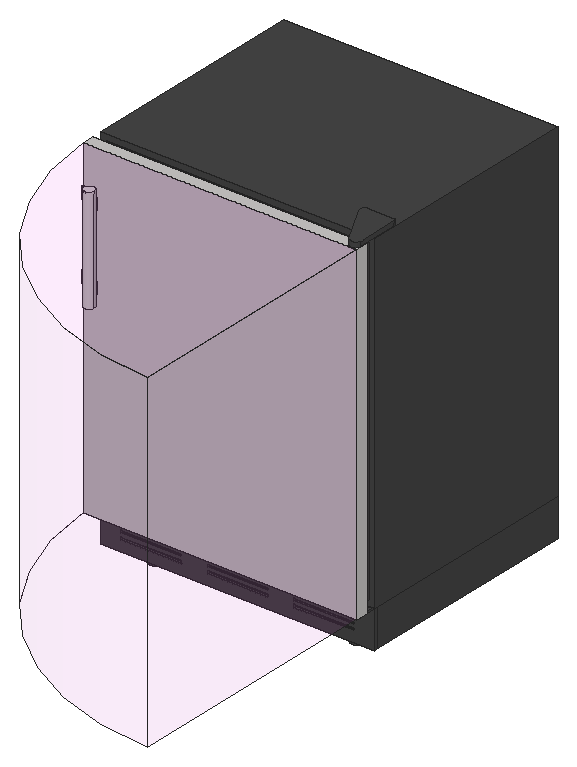
Revit family "QF_Summit_FF6BK2SSRS_Refrigerator", category Specialty Equipment, Revit 2020
Family settings
  Round Connector Dimension = Use Diameter
  Part Type = Normal
  Work Plane-Based = No
  Always vertical = Yes
  Cut with Voids When Loaded = No
  Shared = No
  Room Calculation Point = No
Parameters
  Weight in Pounds = 100
  Watts = Volts * FL Amps  # 92 W
  Volts = 115 V
  URL Cutsheet = ""
  Specification by User = ""
  Specification by Manufacturer = ""
  Show Removable Cover [instance] = no
  Show LHD [instance] = no
  Show 34.5 Height [instance] = no
  Right Hinged Door [instance] = not(Show LHD)  # yes
  Serial Number = ""
  Seismic Rating = ""
  SMACNA No = ""
  Revision Code = ""
  Refrigerant Volume = 0.00 kip
  Refrigerant Type = "R600a"
  Phase = 1
  Number of Poles = 1
  NAFEM Spec ID Number = ""
  Model = "FF6BK2SSRS"
  Min Ckt Ampacity = 0 A
  Max Overcurrent Protection = 0 A
  Masterspec = ""
  Manufacturer = "Summit"
  Length = 23 5/8"
  Item Number = ""
  Installed By = ""
  Identify Quantity as Lot = yes
  Height [instance] = if(Show 34.5 Height, 34 1/2", 33 1/2")  # 33 1/2"
  HP = ""
  Furnished By = ""
  Foodservice Equipment Identifier = yes
  FL Amps = 0.8 A
  Electrical Remarks = ""
  Electric Connection Type = ""
  Elec Conn RI Height = 0"
  Elec Conn Connection Height = 0"
  Description = "Refrigerator"
  Depth = 22 3/8"
  Default Elevation = 0"
  Cycle = 60 Hz
  Conn Plug = ""
  Conn Conduit = yes
  CSI MasterFormat = ""
  Base Height [instance] = if(Show 34.5 Height, 2 1/4", 1 1/4")  # 1 1/4"
  BTUH = 0.0 Btu/h
  Apparent Power = if(Phase = 3, Volts * FL Amps * 1.73, Volts * FL Amps)  # 92 VA
Reference planes (in)
  plane 1 "BACK": y = 0
  plane 2: z = 0
  plane 3 "LEFT": x = 0
  plane 4 "RIGHT": x = 23.625
  plane 5 "FRONT": y = -22.375
  plane 6 "TOP": z = 33.5
  plane 7 "Center Y": x = 11.8125
  plane 8 "Center X": y = -11.1875
  plane 9: z = 33.125
  plane 10: y = -24
  plane 11: y = -45
  plane 12: y = -0.75
  plane 13: y = -20.5
  plane 14 "Base Height": z = 1.25
  plane 15: x = 17.46169
  plane 16: z = 4.48989
Forms (in)
  Extrusion 1, solid, material "QF_Metallic_Paint_Black_Smooth"
    sketch origin (0, 0, 4.48989) x (1, 0, 0) y (0, 1, 0)
      loop
        line (0, -0.75) -> (0, -20.5) -> (23.625, -20.5) -> (23.625, -0.75) -> (0, -0.75)
    from 0 to 28.63511
  Extrusion 2, solid, material "QF_Metal_Stainless_Polished"
    sketch origin (-3.63846, -180, 1.25) x (-1, 0, 0) y (0, -1, 0)
      loop
        line (-3.63846, -157.625) -> (-27.26346, -157.625) -> (-27.26346, -158.625) -> (-3.63846, -158.625) -> (-3.63846, -157.625)
    from 3.23989 to 31.875
  Extrusion 3, solid, material "QF_Metallic_Paint_Black_Smooth"
    sketch origin (23.625, -20.5, 4.48989) x (-1, 0, 0) y (0, 0, -1)
      loop
        line (0.5, -0.5) -> (0.5, -28.13511) -> (23.125, -28.13511) -> (23.125, -0.5) -> (0.5, -0.5)
    from 0 to 0.875
  Extrusion 4, solid, material "QF_Metallic_Paint_Black_Smooth", visible <- "Right Hinged Door"
    sketch origin (0, 0, 33.125) x (1, 0, 0) y (0, 1, 0)
      loop
        arc (23.49982, -18.2597) -> (23.42659, -18.08292) -> (23.24982, -18.0097) r 0.25
        line (23.24982, -18.0097) -> (21.13852, -18.0097)
        arc (21.13852, -18.0097) -> (20.78238, -18.21325) -> (20.77701, -18.62342) r 0.41333
        line (20.77701, -18.62342) -> (22.69374, -22.08129)
        arc (22.69374, -22.08129) -> (23.17748, -22.28912) -> (23.49982, -21.87283) r 0.42999
        line (23.49982, -21.87283) -> (23.49982, -18.2597)
    from 0 to 0.375
  Extrusion 5, solid, material "QF_Metal_Stainless_Polished", visible <- "Right Hinged Door"
    sketch origin (-3.63846, -180, 30.49949) x (-1, 0, 0) y (0, -1, 0)
      loop
        line (-3.63846, -158.625) -> (-3.51346, -158.625) -> (-3.51346, -157.55854) -> (-4.72237, -156.74311) -> (-5.38037, -156.74311) -> (-5.38037, -156.86811) -> (-4.76059, -156.86811) -> (-3.63846, -157.625) -> (-3.63846, -158.625)
    from -1.75 to -0.75
  Extrusion 6, solid, material "QF_Metal_Stainless_Polished", visible <- "Right Hinged Door"
    sketch origin (-3.63846, -180, 1.25) x (-1, 0, 0) y (0, -1, 0)
      loop
        circle (-5.05137, -156.43406) r 0.43516
    from 20.24949 to 29.24949
  Extrusion 7, solid, material "QF_Metal_Stainless_Polished", visible <- "Right Hinged Door"
    sketch origin (-3.63846, -180, 21.49949) x (0, -1, 0) y (-1, 0, 0)
      loop
        line (-158.625, -3.63846) -> (-157.625, -3.63846) -> (-156.86811, -4.76059) -> (-156.86811, -5.38037) -> (-156.74311, -5.38037) -> (-156.74311, -4.72237) -> (-157.55854, -3.51346) -> (-158.625, -3.51346) -> (-158.625, -3.63846)
    from -1.75 to -0.75
  Extrusion 8, solid, material "QF_Metallic_Paint_Black_Smooth", visible <- "Right Hinged Door"
    sketch origin (-3.63846, -180, 4.48989) x (0, -1, 0) y (-1, 0, 0)
      loop
        line (-159.5, -27.13827) -> (-158.12717, -27.13827)
        arc (-158.12717, -27.13827) -> (-157.71088, -26.81594) -> (-157.91871, -26.3322) r 0.42999
        line (-157.91871, -26.3322) -> (-159.5, -25.45567) -> (-159.5, -27.13827)
    from 0 to 0.125
  Extrusion 9, solid, material "QF_Metallic_Paint_Black_Smooth"
    sketch origin (0, -20.25, 0) x (1, 0, 0) y (0, 0, 1)
      loop
        line (0, 1.25) -> (23.625, 1.25) -> (23.625, 4.48989) -> (0, 4.48989) -> (0, 1.25)
      loop
        line (1.70562, 3.90574) -> (1.70562, 3.65574) -> (6.95562, 3.65574) -> (6.95562, 3.90574) -> (1.70562, 3.90574)
      loop
        line (1.70562, 3.40574) -> (1.70562, 3.15574) -> (6.95562, 3.15574) -> (6.95562, 3.40574) -> (1.70562, 3.40574)
      loop
        line (1.70562, 2.90574) -> (1.70562, 2.65574) -> (6.95562, 2.65574) -> (6.95562, 2.90574) -> (1.70562, 2.90574)
      loop
        line (1.70562, 2.40574) -> (1.70562, 2.15574) -> (6.95562, 2.15574) -> (6.95562, 2.40574) -> (1.70562, 2.40574)
      loop
        line (9.1875, 3.90574) -> (9.1875, 3.65574) -> (14.4375, 3.65574) -> (14.4375, 3.90574) -> (9.1875, 3.90574)
      loop
        line (9.1875, 3.40574) -> (9.1875, 3.15574) -> (14.4375, 3.15574) -> (14.4375, 3.40574) -> (9.1875, 3.40574)
      loop
        line (9.1875, 2.90574) -> (9.1875, 2.65574) -> (14.4375, 2.65574) -> (14.4375, 2.90574) -> (9.1875, 2.90574)
      loop
        line (9.1875, 2.40574) -> (9.1875, 2.15574) -> (14.4375, 2.15574) -> (14.4375, 2.40574) -> (9.1875, 2.40574)
      loop
        line (21.91938, 3.90574) -> (16.66938, 3.90574) -> (16.66938, 3.65574) -> (21.91938, 3.65574) -> (21.91938, 3.90574)
      loop
        line (21.91938, 3.40574) -> (16.66938, 3.40574) -> (16.66938, 3.15574) -> (21.91938, 3.15574) -> (21.91938, 3.40574)
      loop
        line (21.91938, 2.90574) -> (16.66938, 2.90574) -> (16.66938, 2.65574) -> (21.91938, 2.65574) -> (21.91938, 2.90574)
      loop
        line (21.91938, 2.40574) -> (16.66938, 2.40574) -> (16.66938, 2.15574) -> (21.91938, 2.15574) -> (21.91938, 2.40574)
    from 0 to 0.25
  Extrusion 10, solid, material "QF_Metallic_Paint_Black_Smooth"
    sketch origin (0, 0, 0) x (1, 0, 0) y (0, 0, 1)
      loop
        line (0, 4.48989) -> (0, 1.25) -> (23.625, 1.25) -> (23.625, 4.48989) -> (0, 4.48989)
    from 20.25 to 0.75
  Extrusion 11, solid, material "QF_Metallic_Paint_Black_Smooth"
    sketch origin (0, 0, 0) x (1, 0, 0) y (0, 1, 0)
      loop
        circle (3.1104, -18.5) r 0.5
      loop
        circle (3.1104, -2.75) r 0.5
      loop
        circle (20.5146, -18.5) r 0.5
      loop
        circle (20.5146, -2.75) r 0.5
    from 0 to 0.25
  Extrusion 12, solid, material "QF_Metal_Stainless_Polished"
    sketch origin (0, -0.75, 4.23989) x (1, 0, 0) y (0, 0, -1)
      loop
        circle (17.46169, 2.27816) r 0.25
    from 0 to 0.25
  Extrusion 13, solid, material "QF_Metallic_Paint_Black_Smooth"
    sketch origin (-3.63846, -180, 1.25) x (-1, 0, 0) y (0, -1, 0)
      loop
        line (-12.94623, -180) -> (-12.94623, -179.25) -> (-17.95568, -179.25) -> (-17.95568, -180) -> (-12.94623, -180)
    from 15.625 to 21.625
  Extrusion 14, solid, material "QF_Clearances_Door_Drawer", visible <- "Right Hinged Door"
    sketch origin (-3.63846, -180, 4.48989) x (0, -1, 0) y (-1, 0, 0)
      loop
        line (-157.625, -27.26346) -> (-135, -27.26346)
        arc (-135, -27.26346) -> (-141.73517, -11.06738) -> (-157.625, -3.63846) r 24.27307
        line (-157.625, -3.63846) -> (-157.625, -27.26346)
    from 0 to -28.625
  Extrusion 15, solid, material "QF_Metallic_Paint_Black_Smooth"
    sketch origin (-3.63846, -180, 1.25) x (-1, 0, 0) y (0, -1, 0)
      loop
        circle (-6.74886, -161.5) r 0.25
      loop
        circle (-6.74886, -177.25) r 0.25
      loop
        circle (-24.15306, -161.5) r 0.25
      loop
        circle (-24.15306, -177.25) r 0.25
    from 0 to -1
  Extrusion 16, solid, material "QF_Metallic_Paint_Black_Smooth", visible <- "Show Removable Cover"
    sketch origin (-3.63846, -180, 1.25) x (-1, 0, 0) y (0, -1, 0)
      loop
        line (-3.63846, -179.25) -> (-3.63846, -159.5) -> (-27.26346, -159.5) -> (-27.26346, -179.25) -> (-3.63846, -179.25)
      loop
        line (-3.88846, -179) -> (-3.88846, -159.75) -> (-27.01346, -159.75) -> (-27.01346, -179) -> (-3.88846, -179)
    from 0 to -1.25
  Extrusion 17, solid, material "QF_Metallic_Paint_Black_Smooth", visible <- "Show LHD"
    sketch origin (23.625, 0, 33.125) x (-1, 0, 0) y (0, -1, 0)
      loop
        line (23.49982, 18.2597) -> (23.49982, 21.87283)
        arc (23.49982, 21.87283) -> (23.17748, 22.28912) -> (22.69374, 22.08129) r 0.42999
        line (22.69374, 22.08129) -> (20.77701, 18.62342)
        arc (20.77701, 18.62342) -> (20.78238, 18.21325) -> (21.13852, 18.0097) r 0.41333
        line (21.13852, 18.0097) -> (23.24982, 18.0097)
        arc (23.24982, 18.0097) -> (23.42659, 18.08292) -> (23.49982, 18.2597) r 0.25
    from 0 to 0.375
  Extrusion 18, solid, material "QF_Metal_Stainless_Polished", visible <- "Show LHD"
    sketch origin (27.26346, -180, 30.49949) x (1, 0, 0) y (0, 1, 0)
      loop
        line (-3.63846, 158.625) -> (-3.63846, 157.625) -> (-4.76059, 156.86811) -> (-5.38037, 156.86811) -> (-5.38037, 156.74311) -> (-4.72237, 156.74311) -> (-3.51346, 157.55854) -> (-3.51346, 158.625) -> (-3.63846, 158.625)
    from -1.75 to -0.75
  Extrusion 19, solid, material "QF_Metal_Stainless_Polished", visible <- "Show LHD"
    sketch origin (27.26346, -180, 1.25) x (1, 0, 0) y (0, 1, 0)
      loop
        circle (-5.05137, 156.43406) r 0.43516
    from 20.24949 to 29.24949
  Extrusion 20, solid, material "QF_Metal_Stainless_Polished", visible <- "Show LHD"
    sketch origin (27.26346, -180, 21.49949) x (0, 1, 0) y (1, 0, 0)
      loop
        line (158.625, -3.63846) -> (158.625, -3.51346) -> (157.55854, -3.51346) -> (156.74311, -4.72237) -> (156.74311, -5.38037) -> (156.86811, -5.38037) -> (156.86811, -4.76059) -> (157.625, -3.63846) -> (158.625, -3.63846)
    from -1.75 to -0.75
  Extrusion 21, solid, material "QF_Metallic_Paint_Black_Smooth", visible <- "Show LHD"
    sketch origin (27.26346, -180, 4.48989) x (0, 1, 0) y (1, 0, 0)
      loop
        line (159.5, -27.13827) -> (159.5, -25.45567) -> (157.91871, -26.3322)
        arc (157.91871, -26.3322) -> (157.71088, -26.81594) -> (158.12717, -27.13827) r 0.42999
        line (158.12717, -27.13827) -> (159.5, -27.13827)
    from 0 to 0.125
  Extrusion 22, solid, material "QF_Clearances_Door_Drawer", visible <- "Show LHD"
    sketch origin (27.26346, -180, 4.48989) x (0, 1, 0) y (1, 0, 0)
      loop
        line (157.625, -27.26346) -> (157.625, -3.63846)
        arc (157.625, -3.63846) -> (141.73517, -11.06738) -> (135, -27.26346) r 24.27307
        line (135, -27.26346) -> (157.625, -27.26346)
    from 0 to -28.625
Lines and regions (in)
  symbolic lines
    curve 1: line (0, -0.75, 0) -> (23.625, -0.75, 0)
    curve 2: line (0, -20.5, 0) -> (0, -0.75, 0)
    curve 3: line (23.625, -20.5, 0) -> (23.49982, -20.5, 0)
    curve 4: line (23.625, -0.75, 0) -> (23.625, -20.5, 0)
    curve 5: line (21.81722, -20.5, 0) -> (1.80628, -20.5, 0)
    curve 12: line (23.625, -22.375, 0) -> (0, -22.375, 0)
    curve 13: line (0, -21.375, 0) -> (0, -22.375, 0)
    curve 14: line (23.625, -21.375, 0) -> (23.49982, -21.375, 0)
    curve 15: line (23.625, -22.375, 0) -> (23.625, -21.375, 0)
    curve 16: line (22.30224, -21.375, 0) -> (1.32275, -21.375, 0)
    curve 28: line (9.30778, -0.75, 0) -> (9.30778, 0, 0)
    curve 29: line (9.30778, 0, 0) -> (14.31722, 0, 0)
    curve 30: line (14.31722, 0, 0) -> (14.31722, -0.75, 0)
    curve 35: line (0.13172, -20.5, 0) -> (0, -20.5, 0)
    curve 37: line (0.12154, -21.375, 0) -> (0, -21.375, 0)
    curve 51: line (23.50346, -21.375, 0) -> (23.625, -21.375, 0)
  symbolic lines, visible <- "Right Hinged Door"
    curve 6: line (23.49982, -21.87283, 0) -> (23.49982, -18.2597, 0)
    curve 7: arc (23.49982, -18.2597, 0) -> (23.42659, -18.08292, 0) -> (23.24982, -18.0097, 0) r 0.25
    curve 8: line (23.24982, -18.0097, 0) -> (21.13852, -18.0097, 0)
    curve 9: arc (21.13852, -18.0097, 0) -> (20.78238, -18.21325, 0) -> (20.77701, -18.62342, 0) r 0.41333
    curve 10: line (20.77701, -18.62342, 0) -> (22.69374, -22.08129, 0)
    curve 11: arc (22.69374, -22.08129, 0) -> (23.17748, -22.28912, 0) -> (23.49982, -21.87283, 0) r 0.42999
    curve 17: line (-0.125, -21.375, 0) -> (-0.125, -22.44146, 0)
    curve 18: line (-0.125, -22.44146, 0) -> (1.08391, -23.25689, 0)
    curve 19: arc (0.97776, -23.56594, 0) -> (1.41291, -24.0011, 0) -> (1.84807, -23.56594, 0) r 0.43516
    curve 20: line (1.74192, -23.13189, 0) -> (1.12213, -23.13189, 0)
    curve 21: line (1.12213, -23.13189, 0) -> (0, -22.375, 0)
    curve 22: line (1.74192, -23.25689, 0) -> (1.74192, -23.13189, 0)
    curve 23: arc (1.84807, -23.56594, 0) -> (1.73137, -23.26938, 0) -> (1.44385, -23.13189, 0) r 0.43516
    curve 24: line (1.08391, -23.25689, 0) -> (1.10657, -23.25689, 0)
    curve 25: line (1.71926, -23.25689, 0) -> (1.74192, -23.25689, 0)
    curve 26: arc (1.38198, -23.13189, 0) -> (1.09446, -23.26938, 0) -> (0.97776, -23.56594, 0) r 0.43516
    curve 27: line (0.5, -21.375, 0) -> (0.5, -20.5, 0)
    curve 33: line (0, -21.375, 0) -> (-0.125, -21.375, 0)
    curve 34: line (1.80628, -20.5, 0) -> (0.13172, -20.5, 0)
    curve 36: line (1.32275, -21.375, 0) -> (0.12154, -21.375, 0)
  symbolic lines, style "QF_Clearances_Door_Drawer", visible <- "Right Hinged Door"
    curve 31: line (23.625, -22.375, 0) -> (3.7814, -33.83171, 0)
    curve 32: arc (3.7814, -33.83171, 0) -> (1.19256, -28.41738, 0) -> (0.01125, -22.53337, 0) r 24.27307
  symbolic lines, visible <- "Show LHD"
    curve 38: line (23.75, -21.375, 0) -> (23.75, -22.44146, 0)
    curve 39: line (23.75, -22.44146, 0) -> (22.54109, -23.25689, 0)
    curve 40: arc (22.64724, -23.56594, 0) -> (22.21209, -24.0011, 0) -> (21.77693, -23.56594, 0) r 0.43516
    curve 41: line (21.88308, -23.13189, 0) -> (22.50287, -23.13189, 0)
    curve 42: line (22.50287, -23.13189, 0) -> (23.625, -22.375, 0)
    curve 43: arc (21.77693, -23.56594, 0) -> (21.89363, -23.26938, 0) -> (22.18115, -23.13189, 0) r 0.43516
    curve 44: arc (22.24302, -23.13189, 0) -> (22.53054, -23.26938, 0) -> (22.64724, -23.56594, 0) r 0.43516
    curve 45: line (23.125, -21.375, 0) -> (23.125, -20.5, 0)
    curve 48: line (23.625, -21.375, 0) -> (23.75, -21.375, 0)
    curve 49: line (21.81722, -20.5, 0) -> (23.49328, -20.5, 0)
    curve 50: line (22.30224, -21.375, 0) -> (23.50346, -21.375, 0)
    curve 52: line (0.12518, -21.87283, 0) -> (0.12518, -18.2597, 0)
    curve 53: arc (0.12518, -18.2597, 0) -> (0.19841, -18.08292, 0) -> (0.37518, -18.0097, 0) r 0.25
    curve 54: line (0.37518, -18.0097, 0) -> (2.48648, -18.0097, 0)
    curve 55: arc (2.48648, -18.0097, 0) -> (2.84262, -18.21325, 0) -> (2.84799, -18.62342, 0) r 0.41333
    curve 56: line (2.84799, -18.62342, 0) -> (0.93126, -22.08129, 0)
    curve 57: arc (0.93126, -22.08129, 0) -> (0.44752, -22.28912, 0) -> (0.12518, -21.87283, 0) r 0.42999
    curve 58: line (21.88308, -23.13189, 1.25) -> (21.88308, -23.25689, 1.25)
    curve 59: line (22.54109, -23.25689, 1.25) -> (22.51607, -23.25689, 1.25)
    curve 60: line (21.91094, -23.25689, 1.25) -> (21.88308, -23.25689, 1.25)
  symbolic lines, style "QF_Clearances_Door_Drawer", visible <- "Show LHD"
    curve 46: line (0, -22.375, 0) -> (19.8436, -33.83171, 0)
    curve 47: arc (19.8436, -33.83171, 0) -> (22.43244, -28.41738, 0) -> (23.61375, -22.53337, 0) r 24.27307
Dimensions and locks (in)
  equal spacing: plane 3 "LEFT", plane 7 "Center Y", plane 4 "RIGHT"
  "Length": plane 3 "LEFT" to plane 4 "RIGHT"
  equal spacing: plane 5 "FRONT", plane 8 "Center X", plane 1 "BACK"
  "Depth": plane 5 "FRONT" to plane 1 "BACK"
  "Height": plane 6 "TOP" to level
  locked: plane 6 "TOP" to plane 9 at 0.375
  plane 10 to plane 5 "FRONT" = 1 5/8"
  plane 1 "BACK" to plane 12 = 3/4"
  plane 12 to plane 13 = 19 3/4"
  plane 13 to plane 11 = 24 1/2"
  plane 12 to plane 11 = 44 1/4"
  "Base Height": plane 14 "Base Height" to plane 2
  plane 9 to plane 14 "Base Height" = 31 7/8"
  locked: plane 16 to plane 14 "Base Height" at 3.23989
  aligned and locked: level to plane 2
  aligned and locked: Extrusion 16 to level
  aligned and locked: Extrusion 15 to Extrusion 11
Automatic sketch dimensions
  Extrusion 2 sketch curve to plane 4 "RIGHT" = 0"
  Extrusion 2 sketch curve to plane 3 "LEFT" = 0"
  plane 5 "FRONT" to Extrusion 2 sketch curve = 0"
  Extrusion 2 sketch curve to plane 13 = 7/8"
  Extrusion 5 sketch curve to Extrusion 5 sketch curve = 0.61979"
  Extrusion 5 sketch curve to Extrusion 5 sketch curve = 0.03822"
  Extrusion 5 sketch curve to Extrusion 5 sketch curve = 1.12213"
  Extrusion 5 sketch curve to Extrusion 5 sketch curve = 1/8"  (x2)
  Extrusion 5 sketch curve to Extrusion 5 sketch curve = 1"
  Extrusion 5 sketch curve to Extrusion 5 sketch curve = 0.06646"
  Extrusion 5 sketch curve to Extrusion 5 sketch curve = 0.75689"
  plane 10 to Extrusion 6 sketch curve = 0.43406"
  plane 3 "LEFT" to Extrusion 6 sketch curve = 1.41291"
  Extrusion 7 sketch curve to Extrusion 7 sketch curve = 1"
  Extrusion 7 sketch curve to Extrusion 7 sketch curve = 0.06646"
  Extrusion 7 sketch curve to Extrusion 7 sketch curve = 0.75689"
  Extrusion 7 sketch curve to Extrusion 7 sketch curve = 1/8"  (x2)
  Extrusion 7 sketch curve to Extrusion 7 sketch curve = 1.08391"
  Extrusion 7 sketch curve to Extrusion 7 sketch curve = 0.03822"
  Extrusion 7 sketch curve to Extrusion 7 sketch curve = 0.61979"
  Extrusion 2 to Extrusion 8 sketch curve = 0.12518"
  Extrusion 8 sketch curve to Extrusion 2 = 7/8"
  Extrusion 2 to Extrusion 8 sketch curve = 0.49783"
  Extrusion 2 to Extrusion 8 sketch curve = 0.29371"
  Extrusion 8 sketch curve to Extrusion 8 sketch curve = 0.42999"
  Extrusion 8 sketch curve to Extrusion 8 sketch curve = 1.6826"
  plane 3 "LEFT" to Extrusion 11 sketch curve = 3.1104"  (x2)
  Extrusion 11 sketch curve to plane 15 = 3.05291"  (x2)
  plane 13 to Extrusion 11 sketch curve = 2"  (x2)
  Extrusion 11 sketch curve to plane 12 = 2"  (x2)
  plane 1 "BACK" to Extrusion 13 sketch curve = 0"
  Extrusion 13 sketch curve to plane 12 = 0"
  plane 7 "Center Y" to Extrusion 13 sketch curve = 2.50472"
  Extrusion 13 sketch curve to plane 7 "Center Y" = 2.50472"
  Extrusion 14 sketch curve to Extrusion 2 = 0"  (x3)
  Extrusion 14 sketch curve to Extrusion 2 = 0.64083"
  Extrusion 14 sketch curve to Extrusion 14 sketch curve = 22 5/8"
  Extrusion 15 sketch curve to plane 15 = 3.05291"  (x2)
  plane 3 "LEFT" to Extrusion 15 sketch curve = 3.1104"  (x2)
  Extrusion 15 sketch curve to plane 12 = 2"  (x2)
  plane 13 to Extrusion 15 sketch curve = 2"  (x2)
  Extrusion 16 sketch curve to plane 4 "RIGHT" = 0"
  Extrusion 16 sketch curve to plane 3 "LEFT" = 0"
  Extrusion 16 sketch curve to plane 12 = 0"
  Extrusion 16 sketch curve to plane 13 = 0"
  plane 4 "RIGHT" to Extrusion 16 sketch curve = 1/4"
  plane 3 "LEFT" to Extrusion 16 sketch curve = 1/4"
  Extrusion 16 sketch curve to plane 12 = 1/4"
  plane 13 to Extrusion 16 sketch curve = 1/4"
  Extrusion 18 sketch curve to Extrusion 18 sketch curve = 0.61979"
  Extrusion 18 sketch curve to Extrusion 18 sketch curve = 0.03822"
  Extrusion 18 sketch curve to Extrusion 18 sketch curve = 1.12213"
  Extrusion 18 sketch curve to Extrusion 18 sketch curve = 1/8"  (x2)
  Extrusion 18 sketch curve to Extrusion 18 sketch curve = 0.69042"
  Extrusion 18 sketch curve to Extrusion 18 sketch curve = 0.06646"
  Extrusion 18 sketch curve to Extrusion 18 sketch curve = 1"
  plane 10 to Extrusion 19 sketch curve = 0.43406"
  plane 4 "RIGHT" to Extrusion 19 sketch curve = 1.41291"
  Extrusion 20 sketch curve to Extrusion 20 sketch curve = 1/8"  (x2)
  Extrusion 20 sketch curve to Extrusion 20 sketch curve = 0.69042"
  Extrusion 20 sketch curve to Extrusion 20 sketch curve = 0.06646"
  Extrusion 20 sketch curve to Extrusion 20 sketch curve = 1"
  Extrusion 20 sketch curve to Extrusion 20 sketch curve = 1.08391"
  Extrusion 20 sketch curve to Extrusion 20 sketch curve = 0.03822"
  Extrusion 20 sketch curve to Extrusion 20 sketch curve = 0.61979"
  Extrusion 2 to Extrusion 21 sketch curve = 0.29371"
  Extrusion 2 to Extrusion 21 sketch curve = 0.12518"
  Extrusion 2 to Extrusion 21 sketch curve = 0.49783"
  Extrusion 21 sketch curve to Extrusion 2 = 7/8"
  Extrusion 21 sketch curve to Extrusion 21 sketch curve = 0.42999"
  Extrusion 21 sketch curve to Extrusion 21 sketch curve = 1.6826"
  Extrusion 22 sketch curve to Extrusion 2 = 0"  (x3)
  Extrusion 22 sketch curve to Extrusion 2 = 22 5/8"
  Extrusion 22 sketch curve to Extrusion 2 = 0.59255"
  curve 19 to curve 23 = 0"  (x2)
  curve 19 to curve 26 = 0"  (x2)
  curve 23 to curve 26 = 0"  (x2)
  curve 40 to curve 43 = 0"  (x2)
  curve 40 to curve 44 = 0"  (x2)
  curve 43 to curve 44 = 0"  (x2)
  curve 2 to plane 3 "LEFT" = 0"
  curve 46 to plane 3 "LEFT" = 0"
  curve 34 to plane 13 = 0"
  plane 1 "BACK" to curve 29 = 0"
  curve 28 to plane 12 = 0"
  curve 49 to plane 13 = 0"
  curve 3 to plane 13 = 0"
  curve 4 to plane 4 "RIGHT" = 0"
  curve 51 to plane 4 "RIGHT" = 0"
  plane 5 "FRONT" to curve 15 = 0"
  curve 17 to plane 3 "LEFT" = 1/8"
  curve 47 to plane 13 = 0.23417"
  curve 47 to plane 3 "LEFT" = 0.59255"
  curve 13 to curve 37 = 0.12154"
  plane 3 "LEFT" to curve 52 = 0.12518"
  plane 3 "LEFT" to curve 34 = 0.13172"
  curve 52 to curve 53 = 1/4"
  curve 52 to curve 57 = 0.42999"
  curve 56 to plane 5 "FRONT" = 0.29371"
  curve 57 to curve 56 = 0.37608"
  plane 10 to curve 18 = 0.74311"
  plane 3 "LEFT" to curve 18 = 1.08391"
  curve 18 to curve 20 = 0.03822"
  curve 57 to curve 36 = 0.39149"
  curve 18 to curve 19 = 0.329"
  curve 19 to curve 25 = 0.329"
  curve 16 to curve 34 = 0.48354"
  curve 53 to curve 54 = 2.1113"
  curve 55 to curve 56 = 0.36151"
  plane 3 "LEFT" to curve 31 = 3.7814"
  curve 29 to plane 7 "Center Y" = 2.50472"
  plane 7 "Center Y" to curve 30 = 2.50472"
  curve 46 to plane 15 = 2.38191"
  plane 4 "RIGHT" to curve 10 = 2.84799"
  curve 9 to curve 9 = 0.36151"
  plane 10 to curve 40 = 0.43406"
  plane 4 "RIGHT" to curve 40 = 1.41291"
  curve 40 to curve 41 = 0.29079"
  curve 10 to plane 5 "FRONT" = 0.29371"
  plane 4 "RIGHT" to curve 10 = 0.93126"
  curve 10 to curve 11 = 0.37608"
  plane 4 "RIGHT" to curve 8 = 0.37518"
  plane 4 "RIGHT" to curve 6 = 0.12518"
  curve 14 to curve 51 = 0.00365"
  curve 14 to curve 38 = 1/8"
  curve 32 to plane 13 = 0.23417"
  curve 32 to plane 4 "RIGHT" = 0.59255"
  curve 46 to plane 10 = 9.83171"
  curve 31 to plane 10 = 9.83171"
  plane 10 to curve 26 = 0.43406"
  curve 19 to curve 25 = 0.30906"
  curve 22 to curve 22 = 1/8"
  curve 40 to curve 41 = 0.43406"
  plane 5 "FRONT" to curve 18 = 0.06646"
  plane 5 "FRONT" to curve 39 = 0.06646"
  curve 57 to curve 17 = 0.49783"
  curve 11 to curve 51 = 0.49783"
  plane 13 to curve 10 = 1.87658"
  plane 13 to curve 56 = 1.87658"
  curve 9 to curve 9 = 0.20039"
  curve 55 to curve 55 = 0.20039"
  curve 36 to curve 27 = 0.37846"
  curve 19 to curve 18 = 0.10616"
  curve 40 to curve 40 = 0.43516"
  curve 41 to curve 43 = 0.29807"
  curve 41 to curve 39 = 0.03822"
  curve 45 to curve 3 = 0.37482"
  curve 49 to curve 3 = 0.00653"
  plane 4 "RIGHT" to curve 47 = 0.01125"
  Extrusion 1 sketch curve to Extrusion 10 = 0"  (x3)
  Extrusion 1 sketch curve to Extrusion 10 = 1/4"
  Extrusion 3 sketch curve to Extrusion 1 = 1/2"
  Extrusion 1 to Extrusion 3 sketch curve = 1/2"  (x3)
  Extrusion 4 sketch curve to Extrusion 1 = 1.87658"
  Extrusion 4 sketch curve to Extrusion 1 = 2.84799"
  Extrusion 4 sketch curve to Extrusion 4 sketch curve = 0.36151"
  Extrusion 4 sketch curve to Extrusion 1 = 0.93126"
  Extrusion 4 sketch curve to Extrusion 4 sketch curve = 0.37608"
  Extrusion 4 sketch curve to Extrusion 1 = 0.37518"
  Extrusion 4 sketch curve to Extrusion 1 = 0.12518"
  Extrusion 1 to Extrusion 4 sketch curve = 1.37283"
  Extrusion 4 sketch curve to Extrusion 4 sketch curve = 0.20039"
  Extrusion 9 sketch curve to Extrusion 10 = 0"  (x4)
  Extrusion 9 sketch curve to Extrusion 10 = 0.58415"  (x3)
  Extrusion 9 sketch curve to Extrusion 10 = 1.70562"  (x2)
  Extrusion 9 sketch curve to Extrusion 9 sketch curve = 0"  (x18)
  Extrusion 9 sketch curve to Extrusion 10 = 1.08415"
  Extrusion 9 sketch curve to Extrusion 9 sketch curve = 5 1/4"  (x2)
  Extrusion 9 sketch curve to Extrusion 9 sketch curve = 2.23188"  (x2)
  Extrusion 9 sketch curve to Extrusion 10 = 1.33415"
  Extrusion 9 sketch curve to Extrusion 10 = 0.90574"  (x3)
  Extrusion 9 sketch curve to Extrusion 9 sketch curve = 1/4"  (x16)
  Extrusion 10 sketch curve to plane 3 "LEFT" = 0"
  plane 4 "RIGHT" to Extrusion 10 sketch curve = 0"
  Extrusion 10 sketch curve to plane 14 "Base Height" = 0"
  Extrusion 10 sketch curve to plane 16 = 0"
  Extrusion 12 sketch curve to Extrusion 1 = 2.52816"
  Extrusion 12 sketch curve to Extrusion 1 = 6.16331"
  Extrusion 17 sketch curve to Extrusion 1 = 1.87658"
  Extrusion 17 sketch curve to Extrusion 1 = 2.84799"
  Extrusion 17 sketch curve to Extrusion 17 sketch curve = 0.36151"
  Extrusion 17 sketch curve to Extrusion 1 = 0.93126"
  Extrusion 17 sketch curve to Extrusion 17 sketch curve = 0.37608"
  Extrusion 17 sketch curve to Extrusion 1 = 0.37518"
  Extrusion 17 sketch curve to Extrusion 1 = 0.12518"
  Extrusion 17 sketch curve to Extrusion 17 sketch curve = 0.20039"
  Extrusion 1 to Extrusion 17 sketch curve = 1.37283"
  plane 4 "RIGHT" to curve 59 = 1.08391"
  plane 5 "FRONT" to curve 58 = 0.75689"
  curve 59 to curve 58 = 0.658"
  curve 58 to curve 58 = 1/8"
  curve 59 to curve 59 = 0.02502"
  curve 60 to curve 58 = 0.02785"
  curve 60 to curve 59 = 0"
  radius of Extrusion 6 sketch curve = 0.43516"
  radius of Extrusion 11 sketch curve = 1/2"  (x4)
  radius of Extrusion 15 sketch curve = 1/4"  (x4)
  radius of Extrusion 19 sketch curve = 0.43516"
  radius of Extrusion 12 sketch curve = 1/4"
Connectors (in)
  electrical at (17.46169, -0.5, 1.96173), driven by "Volts", driven by "Watts"
    settings: on Extrusion 12, index 6, voltage 115 V, apparent load 92 VA, apparent load phase1 0 VA, apparent load phase2 0 VA, apparent load phase3 0 VA, power factor 1, load classification "Other", number of poles 1, system type 30, power factor state 1, is connector primary yes, connector utility no, sub classification motor no, connector description ""
